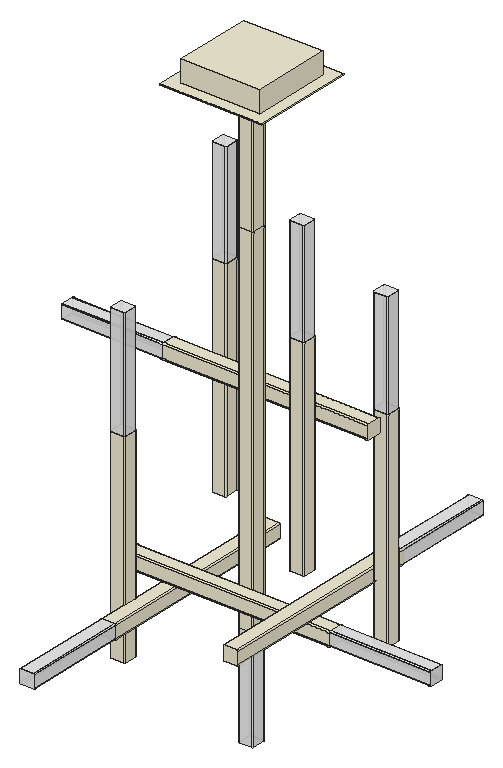
Revit family "3-636-xx Atlantis Pendant", category Lighting Fixtures, host Ceiling, Revit 2018
Family settings
  Host = Ceiling
  Round Connector Dimension = Use Diameter
  Part Type = Normal
  OmniClass Number = 23.80.70.11
  OmniClass Title = Luminaries for Internal Lighting
  Always vertical = Yes
  Cut with Voids When Loaded = No
  Light Source = Yes
  Shared = No
  Room Calculation Point = No
Parameters (values of type "3-636-24 / Satin Nickel - Clear Bubble Acrylic")
  Wattage Comments = "9 x 2.1 W at 120 V"  # constant formula
  Wattage = 63.05 W
  built-in parameter 1150110 = 1 (stored number, unit not read)
  Voltage Input = "120 V or 277 V - 50/60 Hz"  # constant formula
  Voltage = 120 V
  URL = "www.oxygenlighting.com"
  built-in parameter 1114217 = 1 (stored number, unit not read)
  built-in parameter 1150109 = 1 (stored number, unit not read)
  built-in parameter 1150134 = (empty or 0)
  built-in parameter 1150113 = 1 (stored number, unit not read)
  References = "Ref. 3 = 120 V / Ref. 37 = 277 V"  # constant formula
  Model = "3-636-xx / Atlantis Pendant"  # constant formula
  Metal Finish = 24 - Satin Nickel
  Manufacturer = "Oxygen - Lighting & Fans"  # constant formula
  Lumens = 2402.21 lm
  built-in parameter 1150115 = 1 (stored number, unit not read)
  built-in parameter 1150105 = 191.16 (stored number, unit not read)
  Light Source Symbol Size = 24.00"
  built-in parameter 1150137 = (empty or 0)
  built-in parameter 1150139 = (empty or 0)
  built-in parameter 1150112 = 1 (stored number, unit not read)
  built-in parameter 1150114 = 1 (stored number, unit not read)
  Lamp = "LED Array"  # constant formula
  built-in parameter 1150132 = (empty or 0)
  built-in parameter 1150102 = (empty or 0)
  built-in parameter 1150138 = (empty or 0)
  built-in parameter 1150107 = 3000 (stored number, unit not read)
  built-in parameter 1150106 = 1.9116 (stored number, unit not read)
  built-in parameter 1150104 = 3.5396 (stored number, unit not read)
  Dimming Lamp Color Temperature Shift = <None>
  Diffusers = Clear Bubble Acrylic
  Color Filter = 16777215
  built-in parameter 1114218 = 1 (stored number, unit not read)
  built-in parameter 1150133 = 10 (stored number, unit not read)
Types (3): name | Metal Finish
  (no name) | 24 - Satin Nickel
  3-636-24 / Satin Nickel - Clear Bubble Acrylic | 24 - Satin Nickel
  3-636-40 / Aged Brass - Clear Bubble Acrylic | 40 - Aged Brass
Reference planes (in)
  plane 1 "Light Source Axis (F/B)": y = 0
  plane 2 "Ceiling": z = 96
  plane 3 "Light Source Axis (L/R)": x = 0
  plane 4 "Light Source Elevation": z = 56
  plane 5: z = 94.46875
  plane 6: z = 94.2719
Forms (in)
  Extrusion 1, solid, material "24 - Satin Nickel" <- "Metal Finish"
    sketch origin (0, 0, 96) x (1, 0, 0) y (0, 1, 0)
      loop
        arc (-0.42353, 0.5) -> (-0.4776, 0.4776) -> (-0.5, 0.42353) r 0.07647
        line (-0.5, 0.42353) -> (-0.5, -0.42)
        arc (-0.5, -0.42) -> (-0.47657, -0.47657) -> (-0.42, -0.5) r 0.08
        line (-0.42, -0.5) -> (0.41605, -0.5)
        arc (0.41605, -0.5) -> (0.47541, -0.47541) -> (0.5, -0.41605) r 0.08395
        line (0.5, -0.41605) -> (0.5, 0.4173)
        arc (0.5, 0.4173) -> (0.47578, 0.47578) -> (0.4173, 0.5) r 0.0827
        line (0.4173, 0.5) -> (-0.42353, 0.5)
    from -2.44416 to -2.36597
  Extrusion 2, solid, material "24 - Satin Nickel" <- "Metal Finish"
    sketch origin (0, 0, 96) x (1, 0, 0) y (0, 1, 0)
      loop
        arc (-0.42353, 0.5) -> (-0.4776, 0.4776) -> (-0.5, 0.42353) r 0.07647
        line (-0.5, 0.42353) -> (-0.5, -0.42)
        arc (-0.5, -0.42) -> (-0.47657, -0.47657) -> (-0.42, -0.5) r 0.08
        line (-0.42, -0.5) -> (0.41605, -0.5)
        arc (0.41605, -0.5) -> (0.47541, -0.47541) -> (0.5, -0.41605) r 0.08395
        line (0.5, -0.41605) -> (0.5, 0.4173)
        arc (0.5, 0.4173) -> (0.47578, 0.47578) -> (0.4173, 0.5) r 0.0827
        line (0.4173, 0.5) -> (-0.42353, 0.5)
    from -10.4458 to -2.44416
Dimensions and locks (in)
  equal spacing: host sketch curve, plane 3 "Light Source Axis (L/R)", host sketch curve
  equal spacing: host sketch curve, plane 1 "Light Source Axis (F/B)", host sketch curve
  host sketch curve to host sketch curve = 120.00"  (x2)
  locked: plane 2 "Ceiling" to plane 4 "Light Source Elevation" at 40
  locked: plane 5 to plane 6 at 0.19685
  plane 2 "Ceiling" to plane 5 = 1.53125"
  locked: Extrusion 1 to Extrusion 1 at 0.07819
  locked: Extrusion 2 to Extrusion 2 at 8.00164
  aligned and locked: plane 3 "Light Source Axis (L/R)" to imposter light
  aligned and locked: plane 1 "Light Source Axis (F/B)" to imposter light
  aligned and locked: plane 4 "Light Source Elevation" to imposter light
  aligned and locked: plane 3 "Light Source Axis (L/R)" to nested 1
  aligned and locked: plane 1 "Light Source Axis (F/B)" to nested 1
  aligned and locked: plane 2 "Ceiling" to nested 1
  aligned and locked: Extrusion 1 to nested 1
  aligned and locked: Extrusion 2 to Extrusion 1
  aligned and locked: plane 1 "Light Source Axis (F/B)" to nested 2
  aligned and locked: plane 3 "Light Source Axis (L/R)" to nested 2
  aligned and locked: nested 2 to Extrusion 2
Nested families (in)
  nested 1: "Family1" at (0, 0, 96), type "Family1"
  nested 2: "Family2" at (0, 0, 85.5542), type "Family2"
Connectors (in)
  electrical at (0, 0, 96), driven by "Voltage"
    settings: on nested 1, index 1, voltage 120 V, apparent load 0 VA, apparent load phase1 0 VA, apparent load phase2 0 VA, apparent load phase3 0 VA, power factor 1, load classification "Other", number of poles 1, system type 31, power factor state 1, is connector primary yes, connector utility no, sub classification motor no, connector description ""
Definition of nested family "Family1"
  Parameters (values of type "Family1")
    Metal Finish = none
  Reference planes (in)
    plane 1 "Center (Front/Back)": y = 0
    plane 2: z = 0
    plane 3 "Center (Left/Right)": x = 0
  Forms (in)
    Extrusion 1, solid, material <- "Metal Finish"
      sketch origin (0, 0, -96) x (1, 0, 0) y (0, 1, 0)
        loop
          line (0, 0.62961) -> (-0.05867, 0.59573) -> (-0.12283, 0.61751) -> (-0.17377, 0.57284) -> (-0.24094, 0.58168) -> (-0.28218, 0.52793) -> (-0.34979, 0.5235) -> (-0.37976, 0.46273) -> (-0.4452, 0.4452) -> (-0.46273, 0.37976) -> (-0.5235, 0.34979) -> (-0.52793, 0.28218) -> (-0.58168, 0.24094) -> (-0.57284, 0.17377) -> (-0.61751, 0.12283) -> (-0.59573, 0.05867) -> (-0.62961, 0) -> (-0.59573, -0.05867) -> (-0.61751, -0.12283) -> (-0.57284, -0.17377) -> (-0.58168, -0.24094) -> (-0.52793, -0.28218) -> (-0.5235, -0.34979) -> (-0.46273, -0.37976) -> (-0.4452, -0.4452) -> (-0.37976, -0.46273) -> (-0.34979, -0.5235) -> (-0.28218, -0.52793) -> (-0.24094, -0.58168) -> (-0.17377, -0.57284) -> (-0.12283, -0.61751) -> (-0.05867, -0.59573) -> (0, -0.62961) -> (0.05867, -0.59573) -> (0.12283, -0.61751) -> (0.17377, -0.57284) -> (0.24094, -0.58168) -> (0.28218, -0.52793) -> (0.34979, -0.5235) -> (0.37976, -0.46273) -> (0.4452, -0.4452) -> (0.46273, -0.37976) -> (0.5235, -0.34979) -> (0.52793, -0.28218) -> (0.58168, -0.24094) -> (0.57284, -0.17377) -> (0.61751, -0.12283) -> (0.59573, -0.05867) -> (0.62961, 0) -> (0.59573, 0.05867) -> (0.61751, 0.12283) -> (0.57284, 0.17377) -> (0.58168, 0.24094) -> (0.52793, 0.28218) -> (0.5235, 0.34979) -> (0.46273, 0.37976) -> (0.4452, 0.4452) -> (0.37976, 0.46273) -> (0.34979, 0.5235) -> (0.28218, 0.52793) -> (0.24094, 0.58168) -> (0.17377, 0.57284) -> (0.12283, 0.61751) -> (0.05867, 0.59573) -> (0, 0.62961)
      from 94.2719 to 94.46875
    Extrusion 2, solid, material <- "Metal Finish"
      sketch origin (0, 0, -96) x (1, 0, 0) y (0, 0, 1)
        loop
          line (-2.69605, 94.56285) -> (2.69605, 94.56285) -> (2.69605, 96) -> (-2.69605, 96) -> (-2.69605, 94.56285)
      from -2.7 to 2.7
    Extrusion 3, solid, material <- "Metal Finish"
      sketch origin (0, 0, -96) x (1, 0, 0) y (0, 0, 1)
        loop
          line (-3.5, 94.56285) -> (-3.5, 94.46875) -> (3.5, 94.46875) -> (3.5, 94.56285) -> (-3.5, 94.56285)
      from -3.5 to 3.5
    Revolve 4, solid, material <- "Metal Finish"
      sketch origin (0.49578, 0, -96) x (-1, 0, 0) y (0, 0, 1)
        loop
          arc (0.93039, 94.21073) -> (0.965, 94.23728) -> (0.99155, 94.2719) r 0.16678
          line (0.99155, 94.2719) -> (0.49578, 94.2719) -> (0.49578, 93.63403) -> (0.80751, 93.63403) -> (0.80751, 93.70377) -> (0.69359, 93.70377) -> (0.77449, 93.78467) -> (0.93039, 93.78467) -> (0.93039, 94.21073)
        axis (0.49578, 94.2719) -> (0.49578, 93.63403)
      angle from 0 to 360
  Dimensions and locks (in)
    aligned and locked: level to plane 2
Definition of nested family "Family2"
  Parameters (values of type "Family2")
    Metal Finish = none
    Diffuser Material = none
  Reference planes (in)
    plane 1 "Center (Front/Back)": y = 0
    plane 2: z = 0
    plane 3 "Center (Left/Right)": x = 0
  Forms (in)
    Extrusion 1, solid, material <- "Metal Finish"
      sketch origin (0.00198, 0, 18.44416) x (1, 0, 0) y (0, 1, 0)
        loop
          arc (-0.42353, 0.5) -> (-0.4776, 0.4776) -> (-0.5, 0.42353) r 0.07647
          line (-0.5, 0.42353) -> (-0.5, -0.42)
          arc (-0.5, -0.42) -> (-0.47657, -0.47657) -> (-0.42, -0.5) r 0.08
          line (-0.42, -0.5) -> (0.41605, -0.5)
          arc (0.41605, -0.5) -> (0.47541, -0.47541) -> (0.5, -0.41605) r 0.08395
          line (0.5, -0.41605) -> (0.5, 0.4173)
          arc (0.5, 0.4173) -> (0.47578, 0.47578) -> (0.4173, 0.5) r 0.0827
          line (0.4173, 0.5) -> (-0.42353, 0.5)
      from -43.04226 to -18.44416
    Extrusion 2, solid, material <- "Diffuser Material"
      sketch origin (0.00198, 0, 3.78867) x (1, 0, 0) y (0, 1, 0)
        loop
          arc (-0.42353, 0.5) -> (-0.4776, 0.4776) -> (-0.5, 0.42353) r 0.07647
          line (-0.5, 0.42353) -> (-0.5, -0.42)
          arc (-0.5, -0.42) -> (-0.47657, -0.47657) -> (-0.42, -0.5) r 0.08
          line (-0.42, -0.5) -> (0.41605, -0.5)
          arc (0.41605, -0.5) -> (0.47541, -0.47541) -> (0.5, -0.41605) r 0.08395
          line (0.5, -0.41605) -> (0.5, 0.4173)
          arc (0.5, 0.4173) -> (0.47578, 0.47578) -> (0.4173, 0.5) r 0.0827
          line (0.4173, 0.5) -> (-0.42353, 0.5)
      from -35.43742 to -28.38677
    Extrusion 3, solid, material <- "Diffuser Material"
      sketch origin (-5.47019, -4.16142, 7.89174) x (1, 0, 0) y (0, 1, 0)
        loop
          arc (-0.42353, 0.5) -> (-0.4776, 0.4776) -> (-0.5, 0.42353) r 0.07647
          line (-0.5, 0.42353) -> (-0.5, -0.42)
          arc (-0.5, -0.42) -> (-0.47657, -0.47657) -> (-0.42, -0.5) r 0.08
          line (-0.42, -0.5) -> (0.41605, -0.5)
          arc (0.41605, -0.5) -> (0.47541, -0.47541) -> (0.5, -0.41605) r 0.08395
          line (0.5, -0.41605) -> (0.5, 0.4173)
          arc (0.5, 0.4173) -> (0.47578, 0.47578) -> (0.4173, 0.5) r 0.0827
          line (0.4173, 0.5) -> (-0.42353, 0.5)
      from -20.55129 to -12.94241
    Extrusion 4, solid, material <- "Metal Finish"
      sketch origin (-5.47019, -4.16142, 7.89174) x (1, 0, 0) y (0, 1, 0)
        loop
          arc (-0.42353, 0.5) -> (-0.4776, 0.4776) -> (-0.5, 0.42353) r 0.07647
          line (-0.5, 0.42353) -> (-0.5, -0.42)
          arc (-0.5, -0.42) -> (-0.47657, -0.47657) -> (-0.42, -0.5) r 0.08
          line (-0.42, -0.5) -> (0.41605, -0.5)
          arc (0.41605, -0.5) -> (0.47541, -0.47541) -> (0.5, -0.41605) r 0.08395
          line (0.5, -0.41605) -> (0.5, 0.4173)
          arc (0.5, 0.4173) -> (0.47578, 0.47578) -> (0.4173, 0.5) r 0.0827
          line (0.4173, 0.5) -> (-0.42353, 0.5)
      from -34.38872 to -20.55129
    Extrusion 5, solid, material <- "Metal Finish"
      sketch origin (-35.93955, -1, -22.40546) x (0, 0, 1) y (0, 1, 0)
        loop
          arc (-0.42353, 0.5) -> (-0.4776, 0.4776) -> (-0.5, 0.42353) r 0.07647
          line (-0.5, 0.42353) -> (-0.5, -0.42)
          arc (-0.5, -0.42) -> (-0.47657, -0.47657) -> (-0.42, -0.5) r 0.08
          line (-0.42, -0.5) -> (0.41605, -0.5)
          arc (0.41605, -0.5) -> (0.47541, -0.47541) -> (0.5, -0.41605) r 0.08395
          line (0.5, -0.41605) -> (0.5, 0.4173)
          arc (0.5, 0.4173) -> (0.47578, 0.47578) -> (0.4173, 0.5) r 0.0827
          line (0.4173, 0.5) -> (-0.42353, 0.5)
      from -42.46068 to -28.42455
    Extrusion 6, solid, material <- "Diffuser Material"
      sketch origin (-4.50827, -1, -22.40546) x (0, 0, 1) y (0, 1, 0)
        loop
          arc (-0.42353, 0.5) -> (-0.4776, 0.4776) -> (-0.5, 0.42353) r 0.07647
          line (-0.5, 0.42353) -> (-0.5, -0.42)
          arc (-0.5, -0.42) -> (-0.47657, -0.47657) -> (-0.42, -0.5) r 0.08
          line (-0.42, -0.5) -> (0.41605, -0.5)
          arc (0.41605, -0.5) -> (0.47541, -0.47541) -> (0.5, -0.41605) r 0.08395
          line (0.5, -0.41605) -> (0.5, 0.4173)
          arc (0.5, 0.4173) -> (0.47578, 0.47578) -> (0.4173, 0.5) r 0.0827
          line (0.4173, 0.5) -> (-0.42353, 0.5)
      from -17.96507 to -11.0294
    Extrusion 7, solid, material <- "Metal Finish"
      sketch origin (35.96971, 1, -10.23638) x (0, 0, -1) y (0, 1, 0)
        loop
          arc (-0.42353, 0.5) -> (-0.4776, 0.4776) -> (-0.5, 0.42353) r 0.07647
          line (-0.5, 0.42353) -> (-0.5, -0.42)
          arc (-0.5, -0.42) -> (-0.47657, -0.47657) -> (-0.42, -0.5) r 0.08
          line (-0.42, -0.5) -> (0.41605, -0.5)
          arc (0.41605, -0.5) -> (0.47541, -0.47541) -> (0.5, -0.41605) r 0.08395
          line (0.5, -0.41605) -> (0.5, 0.4173)
          arc (0.5, 0.4173) -> (0.47578, 0.47578) -> (0.4173, 0.5) r 0.0827
          line (0.4173, 0.5) -> (-0.42353, 0.5)
      from -42.46068 to -28.42455
    Extrusion 8, solid, material <- "Diffuser Material"
      sketch origin (4.53843, 1, -10.23638) x (0, 0, -1) y (0, 1, 0)
        loop
          arc (-0.42353, 0.5) -> (-0.4776, 0.4776) -> (-0.5, 0.42353) r 0.07647
          line (-0.5, 0.42353) -> (-0.5, -0.42)
          arc (-0.5, -0.42) -> (-0.47657, -0.47657) -> (-0.42, -0.5) r 0.08
          line (-0.42, -0.5) -> (0.41605, -0.5)
          arc (0.41605, -0.5) -> (0.47541, -0.47541) -> (0.5, -0.41605) r 0.08395
          line (0.5, -0.41605) -> (0.5, 0.4173)
          arc (0.5, 0.4173) -> (0.47578, 0.47578) -> (0.4173, 0.5) r 0.0827
          line (0.4173, 0.5) -> (-0.42353, 0.5)
      from -17.96507 to -11.0294
    Extrusion 9, solid, material <- "Diffuser Material"
      sketch origin (5.61073, 4.5, 8.92172) x (1, 0, 0) y (0, 1, 0)
        loop
          arc (-0.42353, 0.5) -> (-0.4776, 0.4776) -> (-0.5, 0.42353) r 0.07647
          line (-0.5, 0.42353) -> (-0.5, -0.42)
          arc (-0.5, -0.42) -> (-0.47657, -0.47657) -> (-0.42, -0.5) r 0.08
          line (-0.42, -0.5) -> (0.41605, -0.5)
          arc (0.41605, -0.5) -> (0.47541, -0.47541) -> (0.5, -0.41605) r 0.08395
          line (0.5, -0.41605) -> (0.5, 0.4173)
          arc (0.5, 0.4173) -> (0.47578, 0.47578) -> (0.4173, 0.5) r 0.0827
          line (0.4173, 0.5) -> (-0.42353, 0.5)
      from -20.15759 to -12.94241
    Extrusion 10, solid, material <- "Metal Finish"
      sketch origin (5.61073, 4.5, 8.92172) x (1, 0, 0) y (0, 1, 0)
        loop
          arc (-0.42353, 0.5) -> (-0.4776, 0.4776) -> (-0.5, 0.42353) r 0.07647
          line (-0.5, 0.42353) -> (-0.5, -0.42)
          arc (-0.5, -0.42) -> (-0.47657, -0.47657) -> (-0.42, -0.5) r 0.08
          line (-0.42, -0.5) -> (0.41605, -0.5)
          arc (0.41605, -0.5) -> (0.47541, -0.47541) -> (0.5, -0.41605) r 0.08395
          line (0.5, -0.41605) -> (0.5, 0.4173)
          arc (0.5, 0.4173) -> (0.47578, 0.47578) -> (0.4173, 0.5) r 0.0827
          line (0.4173, 0.5) -> (-0.42353, 0.5)
      from -34.38872 to -20.15759
    Extrusion 11, solid, material <- "Diffuser Material"
      sketch origin (3.4669, 0.00267, 14.94707) x (1, 0, 0) y (0, 1, 0)
        loop
          arc (-0.42353, 0.5) -> (-0.4776, 0.4776) -> (-0.5, 0.42353) r 0.07647
          line (-0.5, 0.42353) -> (-0.5, -0.42)
          arc (-0.5, -0.42) -> (-0.47657, -0.47657) -> (-0.42, -0.5) r 0.08
          line (-0.42, -0.5) -> (0.41605, -0.5)
          arc (0.41605, -0.5) -> (0.47541, -0.47541) -> (0.5, -0.41605) r 0.08395
          line (0.5, -0.41605) -> (0.5, 0.4173)
          arc (0.5, 0.4173) -> (0.47578, 0.47578) -> (0.4173, 0.5) r 0.0827
          line (0.4173, 0.5) -> (-0.42353, 0.5)
      from -20.55129 to -13.38178
    Extrusion 12, solid, material <- "Metal Finish"
      sketch origin (3.4669, 0.00267, 14.94707) x (1, 0, 0) y (0, 1, 0)
        loop
          arc (-0.42353, 0.5) -> (-0.4776, 0.4776) -> (-0.5, 0.42353) r 0.07647
          line (-0.5, 0.42353) -> (-0.5, -0.42)
          arc (-0.5, -0.42) -> (-0.47657, -0.47657) -> (-0.42, -0.5) r 0.08
          line (-0.42, -0.5) -> (0.41605, -0.5)
          arc (0.41605, -0.5) -> (0.47541, -0.47541) -> (0.5, -0.41605) r 0.08395
          line (0.5, -0.41605) -> (0.5, 0.4173)
          arc (0.5, 0.4173) -> (0.47578, 0.47578) -> (0.4173, 0.5) r 0.0827
          line (0.4173, 0.5) -> (-0.42353, 0.5)
      from -34.80146 to -20.55129
    Extrusion 13, solid, material <- "Diffuser Material"
      sketch origin (-3.44447, 2.01259, 16.48469) x (1, 0, 0) y (0, 1, 0)
        loop
          arc (-0.42353, 0.5) -> (-0.4776, 0.4776) -> (-0.5, 0.42353) r 0.07647
          line (-0.5, 0.42353) -> (-0.5, -0.42)
          arc (-0.5, -0.42) -> (-0.47657, -0.47657) -> (-0.42, -0.5) r 0.08
          line (-0.42, -0.5) -> (0.41605, -0.5)
          arc (0.41605, -0.5) -> (0.47541, -0.47541) -> (0.5, -0.41605) r 0.08395
          line (0.5, -0.41605) -> (0.5, 0.4173)
          arc (0.5, 0.4173) -> (0.47578, 0.47578) -> (0.4173, 0.5) r 0.0827
          line (0.4173, 0.5) -> (-0.42353, 0.5)
      from -20.55129 to -13.38178
    Extrusion 14, solid, material <- "Metal Finish"
      sketch origin (-3.44447, 2.01259, 16.48469) x (1, 0, 0) y (0, 1, 0)
        loop
          arc (-0.42353, 0.5) -> (-0.4776, 0.4776) -> (-0.5, 0.42353) r 0.07647
          line (-0.5, 0.42353) -> (-0.5, -0.42)
          arc (-0.5, -0.42) -> (-0.47657, -0.47657) -> (-0.42, -0.5) r 0.08
          line (-0.42, -0.5) -> (0.41605, -0.5)
          arc (0.41605, -0.5) -> (0.47541, -0.47541) -> (0.5, -0.41605) r 0.08395
          line (0.5, -0.41605) -> (0.5, 0.4173)
          arc (0.5, 0.4173) -> (0.47578, 0.47578) -> (0.4173, 0.5) r 0.0827
          line (0.4173, 0.5) -> (-0.42353, 0.5)
      from -34.80146 to -20.55129
    Extrusion 15, solid, material <- "Metal Finish"
      sketch origin (-4.49699, 35.83597, -23.40892) x (0, 0, -1) y (-1, 0, 0)
        loop
          arc (-0.42353, 0.5) -> (-0.4776, 0.4776) -> (-0.5, 0.42353) r 0.07647
          line (-0.5, 0.42353) -> (-0.5, -0.42)
          arc (-0.5, -0.42) -> (-0.47657, -0.47657) -> (-0.42, -0.5) r 0.08
          line (-0.42, -0.5) -> (0.41605, -0.5)
          arc (0.41605, -0.5) -> (0.47541, -0.47541) -> (0.5, -0.41605) r 0.08395
          line (0.5, -0.41605) -> (0.5, 0.4173)
          arc (0.5, 0.4173) -> (0.47578, 0.47578) -> (0.4173, 0.5) r 0.0827
          line (0.4173, 0.5) -> (-0.42353, 0.5)
      from -42.46068 to -28.42455
    Extrusion 16, solid, material <- "Diffuser Material"
      sketch origin (-4.49699, 4.40468, -23.40892) x (0, 0, -1) y (-1, 0, 0)
        loop
          arc (-0.42353, 0.5) -> (-0.4776, 0.4776) -> (-0.5, 0.42353) r 0.07647
          line (-0.5, 0.42353) -> (-0.5, -0.42)
          arc (-0.5, -0.42) -> (-0.47657, -0.47657) -> (-0.42, -0.5) r 0.08
          line (-0.42, -0.5) -> (0.41605, -0.5)
          arc (0.41605, -0.5) -> (0.47541, -0.47541) -> (0.5, -0.41605) r 0.08395
          line (0.5, -0.41605) -> (0.5, 0.4173)
          arc (0.5, 0.4173) -> (0.47578, 0.47578) -> (0.4173, 0.5) r 0.0827
          line (0.4173, 0.5) -> (-0.42353, 0.5)
      from -17.96507 to -11.0294
    Extrusion 17, solid, material <- "Metal Finish"
      sketch origin (4.60168, -35.96571, -21.40827) x (0, 0, -1) y (1, 0, 0)
        loop
          arc (-0.42353, 0.5) -> (-0.4776, 0.4776) -> (-0.5, 0.42353) r 0.07647
          line (-0.5, 0.42353) -> (-0.5, -0.42)
          arc (-0.5, -0.42) -> (-0.47657, -0.47657) -> (-0.42, -0.5) r 0.08
          line (-0.42, -0.5) -> (0.41605, -0.5)
          arc (0.41605, -0.5) -> (0.47541, -0.47541) -> (0.5, -0.41605) r 0.08395
          line (0.5, -0.41605) -> (0.5, 0.4173)
          arc (0.5, 0.4173) -> (0.47578, 0.47578) -> (0.4173, 0.5) r 0.0827
          line (0.4173, 0.5) -> (-0.42353, 0.5)
      from -42.46068 to -28.42455
    Extrusion 18, solid, material <- "Diffuser Material"
      sketch origin (4.60168, -4.53443, -21.40827) x (0, 0, -1) y (1, 0, 0)
        loop
          arc (-0.42353, 0.5) -> (-0.4776, 0.4776) -> (-0.5, 0.42353) r 0.07647
          line (-0.5, 0.42353) -> (-0.5, -0.42)
          arc (-0.5, -0.42) -> (-0.47657, -0.47657) -> (-0.42, -0.5) r 0.08
          line (-0.42, -0.5) -> (0.41605, -0.5)
          arc (0.41605, -0.5) -> (0.47541, -0.47541) -> (0.5, -0.41605) r 0.08395
          line (0.5, -0.41605) -> (0.5, 0.4173)
          arc (0.5, 0.4173) -> (0.47578, 0.47578) -> (0.4173, 0.5) r 0.0827
          line (0.4173, 0.5) -> (-0.42353, 0.5)
      from -17.96507 to -11.0294
  Dimensions and locks (in)
    aligned and locked: level to plane 2
    aligned and locked: Extrusion 2 to Extrusion 1
